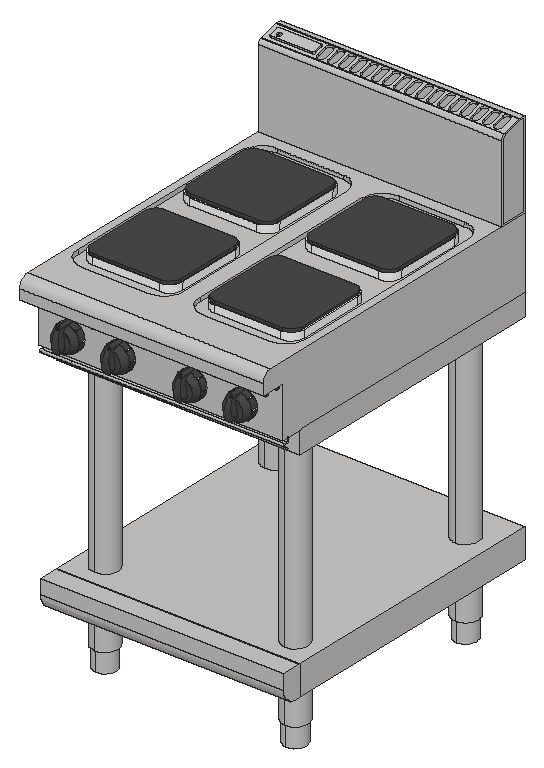
Revit family "QF_Moffat_RN8400SE-LS_Electric_Cooktops_Sealed_Hobs_cat", category Specialty Equipment, Revit 2019
Family settings
  Round Connector Dimension = Use Diameter
  Part Type = Normal
  Work Plane-Based = No
  Always vertical = Yes
  Cut with Voids When Loaded = No
  Shared = No
  Room Calculation Point = No
Parameters (values of type "QF_Moffat_RN8400SE-LS")
  Weight in Kilograms = 74
  Watts = 8800 W
  Volts = 400 V
  URL Cutsheet = ""
  Specification by User = ""
  Specification by Manufacturer = ""
  Show Low Back [instance] = no
  Show Logo [instance] = yes
  Show High Back [instance] = not(Show Low Back)  # yes
  Serial Number = ""
  Seismic Rating = ""
  SMACNA No = ""
  Revision Code = ""
  Phase = 2
  Number of Poles = 1
  NAFEM Spec ID Number = ""
  Model = "RN8400SE-LS"
  Min Ckt Ampacity = 0 A
  Max Overcurrent Protection = 0 A
  Masterspec = ""
  Manufacturer = "Moffat"
  Length = 600 mm
  Item Number = ""
  Installed By = ""
  Identify Quantity as Lot = yes
  Height = 1130 mm
  HP = ""
  Furnished By = ""
  Foodservice Equipment Identifier = yes
  FL Amps = 22 A
  Electrical Remarks = ""
  Electric Connection Type = ""
  Elec Conn RI Height = 0 mm
  Elec Conn Connection Height = 0 mm
  Description = "Electric Cooktops Sealed Hobs"
  Depth = 805 mm
  Cycle = 50 Hz
  Conn Plug = ""
  Conn Conduit = yes
  CSI MasterFormat = ""
  Apparent Power = if(Phase = 3, Volts * FL Amps * 1.73, Volts * FL Amps)  # 8800 VA
Reference planes
  plane 1 "BACK": y = 0
  plane 2: z = 0
  plane 3 "LEFT": x = 0
  plane 4 "RIGHT": x = 600
  plane 5 "FRONT": y = -805
  plane 6 "TOP": z = 1130
  plane 7 "Center Y": x = 300
  plane 8 "Center X": y = -402.5
Dimensions and locks
  equal spacing: plane 3 "LEFT", plane 7 "Center Y", plane 4 "RIGHT"
  "Length": plane 3 "LEFT" to plane 4 "RIGHT"
  equal spacing: plane 5 "FRONT", plane 8 "Center X", plane 1 "BACK"
  "Depth": plane 5 "FRONT" to plane 1 "BACK"
  "Height": plane 6 "TOP" to level
  aligned and locked: level to plane 2
Nested families
  nested 1: "RN8400SE-LS" at (0, 0, 0), type "E514S-LS"
  nested 2: "High and Low Option" at (0, 0, 0), High Back <- "Show High Back", Low Back <- "Show Low Back", Show Logo <- "Show Logo", type "RNLB8610SE"
    with Show Logo 2 yes, Show Logo 1 no, Show Logo yes, Low Back no, High Back yes
Connectors
  electrical at (470, -30, 675), driven by "Volts", driven by "Watts"
    settings: on nested 1, index 1, voltage 400 V, apparent load 8800 VA, apparent load phase1 0 VA, apparent load phase2 0 VA, apparent load phase3 0 VA, power factor 1, load classification "Other", number of poles 1, system type 30, power factor state 1, is connector primary yes, connector utility no, sub classification motor no, connector description "ELECTRICAL CONNECTION"
Definition of nested family "RN8400SE-LS"
  Parameters (values of type "E514S-LS")
    Weight in Kilograms = 110
    URL Cutsheet = ""
    Specification by User = ""
    Specification by Manufacturer = ""
    Serial Number = ""
    Seismic Rating = ""
    SMACNA No = ""
    Revision Code = ""
    NAFEM Spec ID Number = ""
    Model = "RN8400SE-LS"
    Masterspec = ""
    Manufacturer = "Moffat"
    Length = 600 mm
    Item Number = ""
    Installed By = ""
    Identify Quantity as Lot = yes
    Height = 915 mm
    Furnished By = ""
    Foodservice Equipment Identifier = yes
    Description = "Electric Cooktops Sealed Hobs"
    Depth = 805 mm
    CSI MasterFormat = ""
  Reference planes
    plane 1 "BACK": y = 0
    plane 2: z = 0
    plane 3 "LEFT": x = 0
    plane 4 "RIGHT": x = 600
    plane 5 "FRONT": y = -805
    plane 6 "TOP": z = 915
    plane 7 "Center Y": x = 300
    plane 8 "Center X": y = -402.5
    plane 9: x = 65.5
    plane 10: x = 87.5
    plane 11: x = 211.766
    plane 12: y = -30
    plane 13: x = 470
    plane 14: x = 512.5
    plane 15: x = 388.234
    plane 16: x = 534.5
    plane 17: z = 150
    plane 18: y = -100
    plane 19: y = -625
  Forms (mm)
    Extrusion 1, solid
      sketch origin (0, 0, 600) x (0, 1, 0) y (0, 0, 1)
        loop
          line (0, 140) -> (0, 315) -> (-781, 315)
          arc (-781, 315) -> (-797.971, 307.971) -> (-805, 291) r 24
          line (-805, 291) -> (-805, 266) -> (-746.031, 266) -> (-746.031, 140) -> (0, 140)
      from 0 to 600
    Extrusion 2, void
      sketch origin (0, -773.8, 915) x (0, 1, 0) y (-1, 0, 0)
        loop
          arc (673.6, -69) -> (658.955, -33.645) -> (623.6, -19) r 50
          line (623.6, -19) -> (123.399, -19)
          arc (123.399, -19) -> (88.044, -33.645) -> (73.399, -69) r 50
          line (73.399, -69) -> (73.399, -231)
          arc (73.399, -231) -> (88.044, -266.355) -> (123.399, -281) r 50
          line (123.399, -281) -> (623.6, -281)
          arc (623.6, -281) -> (658.955, -266.355) -> (673.6, -231) r 50
          line (673.6, -231) -> (673.6, -69)
        loop
          line (673.6, -531) -> (673.6, -369)
          arc (673.6, -369) -> (658.955, -333.645) -> (623.6, -319) r 50
          line (623.6, -319) -> (123.399, -319)
          arc (123.399, -319) -> (88.044, -333.645) -> (73.399, -369) r 50
          line (73.399, -369) -> (73.399, -531)
          arc (73.399, -531) -> (88.044, -566.355) -> (123.399, -581) r 50
          line (123.399, -581) -> (623.6, -581)
          arc (623.6, -581) -> (658.955, -566.355) -> (673.6, -531) r 50
      from 0 to -9.5
    Extrusion 3, solid
      sketch origin (0, -773.8, 905.5) x (0, 1, 0) y (-1, 0, 0)
        loop
          arc (635.254, -68) -> (625.881, -45.373) -> (603.254, -36) r 32
          line (603.254, -36) -> (440.337, -36)
          arc (440.337, -36) -> (417.71, -45.373) -> (408.337, -68) r 32
          line (408.337, -68) -> (408.337, -232)
          arc (408.337, -232) -> (417.71, -254.627) -> (440.337, -264) r 32
          line (440.337, -264) -> (603.254, -264)
          arc (603.254, -264) -> (625.881, -254.627) -> (635.254, -232) r 32
          line (635.254, -232) -> (635.254, -68)
        loop
          arc (335.297, -68) -> (325.925, -45.373) -> (303.297, -36) r 32
          line (303.297, -36) -> (140.362, -36)
          arc (140.362, -36) -> (117.734, -45.373) -> (108.362, -68) r 32
          line (108.362, -68) -> (108.362, -232)
          arc (108.362, -232) -> (117.734, -254.627) -> (140.362, -264) r 32
          line (140.362, -264) -> (303.297, -264)
          arc (303.297, -264) -> (325.925, -254.627) -> (335.297, -232) r 32
          line (335.297, -232) -> (335.297, -68)
        loop
          arc (635.246, -368) -> (625.874, -345.373) -> (603.246, -336) r 32
          line (603.246, -336) -> (440.353, -336)
          arc (440.353, -336) -> (417.725, -345.373) -> (408.353, -368) r 32
          line (408.353, -368) -> (408.353, -532)
          arc (408.353, -532) -> (417.725, -554.627) -> (440.353, -564) r 32
          line (440.353, -564) -> (603.246, -564)
          arc (603.246, -564) -> (625.874, -554.627) -> (635.246, -532) r 32
          line (635.246, -532) -> (635.246, -368)
        loop
          arc (335.297, -368) -> (325.925, -345.373) -> (303.297, -336) r 32
          line (303.297, -336) -> (140.362, -336)
          arc (140.362, -336) -> (117.734, -345.373) -> (108.362, -368) r 32
          line (108.362, -368) -> (108.362, -532)
          arc (108.362, -532) -> (117.734, -554.627) -> (140.362, -564) r 32
          line (140.362, -564) -> (303.297, -564)
          arc (303.297, -564) -> (325.925, -554.627) -> (335.297, -532) r 32
          line (335.297, -532) -> (335.297, -368)
      from 0 to 17.8
    Extrusion 4, solid
      sketch origin (0, -773.8, 923.3) x (0, 1, 0) y (-1, 0, 0)
        loop
          arc (631.8, -67) -> (623.892, -47.908) -> (604.8, -40) r 27
          line (604.8, -40) -> (438.8, -40)
          arc (438.8, -40) -> (419.708, -47.908) -> (411.8, -67) r 27
          line (411.8, -67) -> (411.8, -233)
          arc (411.8, -233) -> (419.708, -252.092) -> (438.8, -260) r 27
          line (438.8, -260) -> (604.8, -260)
          arc (604.8, -260) -> (623.892, -252.092) -> (631.8, -233) r 27
          line (631.8, -233) -> (631.8, -67)
        loop
          arc (331.8, -67) -> (323.892, -47.908) -> (304.8, -40) r 27
          line (304.8, -40) -> (138.8, -40)
          arc (138.8, -40) -> (119.708, -47.908) -> (111.8, -67) r 27
          line (111.8, -67) -> (111.8, -233)
          arc (111.8, -233) -> (119.708, -252.092) -> (138.8, -260) r 27
          line (138.8, -260) -> (304.8, -260)
          arc (304.8, -260) -> (323.892, -252.092) -> (331.8, -233) r 27
          line (331.8, -233) -> (331.8, -67)
        loop
          line (631.8, -533) -> (631.8, -367)
          arc (631.8, -367) -> (623.892, -347.908) -> (604.8, -340) r 27
          line (604.8, -340) -> (438.8, -340)
          arc (438.8, -340) -> (419.708, -347.908) -> (411.8, -367) r 27
          line (411.8, -367) -> (411.8, -533)
          arc (411.8, -533) -> (419.708, -552.092) -> (438.8, -560) r 27
          line (438.8, -560) -> (604.8, -560)
          arc (604.8, -560) -> (623.892, -552.092) -> (631.8, -533) r 27
        loop
          line (331.8, -533) -> (331.8, -367)
          arc (331.8, -367) -> (323.892, -347.908) -> (304.8, -340) r 27
          line (304.8, -340) -> (138.8, -340)
          arc (138.8, -340) -> (119.708, -347.908) -> (111.8, -367) r 27
          line (111.8, -367) -> (111.8, -533)
          arc (111.8, -533) -> (119.708, -552.092) -> (138.8, -560) r 27
          line (138.8, -560) -> (304.8, -560)
          arc (304.8, -560) -> (323.892, -552.092) -> (331.8, -533) r 27
      from 0 to 6.1
    Extrusion 5, solid
      sketch origin (0, 0, 600) x (0, 1, 0) y (0, 0, 1)
        loop
          line (-691.8, 85) -> (0, 85) -> (0, 140) -> (-691.8, 140) -> (-691.8, 85)
      from 0 to 600
    Extrusion 6, solid
      sketch origin (0, 0, 600) x (0, 1, 0) y (0, 0, 1)
        loop
          line (-730.6, 140) -> (-730.6, 130) -> (-740.105, 130)
          arc (-740.105, 130) -> (-743.076, 128.015) -> (-742.379, 124.511) r 3.215
          line (-742.379, 124.511) -> (-731.85, 113.982) -> (-730.719, 115.113) -> (-741.247, 125.642)
          arc (-741.247, 125.642) -> (-741.597, 127.403) -> (-740.105, 128.4) r 1.615
          line (-740.105, 128.4) -> (-729, 128.4) -> (-729, 140) -> (-730.6, 140)
      from 0 to 600
    Extrusion 7, solid
      sketch origin (300, 175.397, 1819.2) x (0, 1, 0) y (0, 0, 1)
        loop
          line (-867.197, -1109.2) -> (-889.234, -1109.2)
          arc (-889.234, -1109.2) -> (-890.834, -1110.8) -> (-889.234, -1112.4) r 1.6
          line (-889.234, -1112.4) -> (-867.197, -1112.4) -> (-867.197, -1109.2)
      from -250 to 250
    Extrusion 8, solid
      sketch origin (0, -746.031, 730) x (0, 0, 1) y (-1, 0, 0)
        loop
          circle (101.3, -432.5) r 7.15
        loop
          circle (101.3, -557.5) r 7.15
        loop
          circle (101.3, -131.766) r 7.15
        loop
          circle (101.3, -256.766) r 7.15
      from 0 to 1.6
    Extrusion 9, solid
      sketch origin (0, -746.031, 740) x (0, 0, 1) y (-1, 0, 0)
        loop
          circle (113.843, -13.157) r 5
        loop
          circle (113.843, -586.843) r 5
      from 0 to 1.6
    Extrusion 10, solid
      sketch origin (-6096, 287.266, 675) x (0, 1, 0) y (-1, 0, 0)
        loop
          circle (-317.266, -6566) r 6.35
      from 10 to 0
    Extrusion 11, solid
      sketch origin (0, 0, 0) x (0, 1, 0) y (0, 0, 1)
        loop
          line (-741.8, 222.5) -> (-741.8, 186)
          arc (-741.8, 186) -> (-731.256, 160.544) -> (-705.8, 150) r 36
          line (-705.8, 150) -> (-691.8, 150) -> (-691.8, 222.5) -> (-741.8, 222.5)
      from 0 to 600
    Revolve 12, solid
      sketch origin (65.5, -4572, -304.8) x (0, 0, -1) y (0, -1, 0)
        loop
          line (-304.8, -3947) -> (-989.8, -3947) -> (-989.8, -3978.75) -> (-354.8, -3978.75) -> (-354.8, -3974.5) -> (-304.8, -3974.5) -> (-304.8, -3947)
        axis (-989.8, -3947) -> (-304.8, -3947)
      angle from 0 to 360
    Revolve 13, solid
      sketch origin (534.5, -4572, -304.8) x (0, 0, -1) y (0, 1, 0)
        loop
          line (-304.8, 3947) -> (-304.8, 3974.5) -> (-354.8, 3974.5) -> (-354.8, 3978.75) -> (-989.8, 3978.75) -> (-989.8, 3947) -> (-304.8, 3947)
        axis (-989.8, 3947) -> (-304.8, 3947)
      angle from 0 to 360
    Extrusion 14, solid
      sketch origin (0, 0, 0) x (0, 1, 0) y (0, 0, 1)
        loop
          line (-691.8, 222.5) -> (-691.8, 150) -> (0, 150) -> (0, 222.5) -> (-691.8, 222.5)
      from 0 to 600
    Revolve 15, solid
      sketch origin (65.5, 3847, -304.8) x (0, 0, -1) y (0, -1, 0)
        loop
          line (-304.8, 3947) -> (-304.8, 3974.5) -> (-354.8, 3974.5) -> (-354.8, 3978.75) -> (-989.8, 3978.75) -> (-989.8, 3947) -> (-304.8, 3947)
        axis (-989.8, 3947) -> (-304.8, 3947)
      angle from 0 to 360
    Revolve 16, solid
      sketch origin (534.5, 3847, -304.8) x (0, 0, -1) y (0, 1, 0)
        loop
          line (-304.8, -3947) -> (-989.8, -3947) -> (-989.8, -3978.75) -> (-354.8, -3978.75) -> (-354.8, -3974.5) -> (-304.8, -3974.5) -> (-304.8, -3947)
        axis (-989.8, -3947) -> (-304.8, -3947)
      angle from 0 to 360
  Cuts and joins
    Extrusion 2 cuts Extrusion 1
    joined: Extrusion 5, Extrusion 11
    joined: Revolve 12, Revolve 13, Extrusion 14, Revolve 15, Revolve 16
  Lines and regions (mm)
    symbolic lines
      curve 1: line (0, 0, 0) -> (600, 0, 0)
      curve 2: line (0, -805, 0) -> (0, 0, 0)
      curve 3: line (600, -805, 0) -> (0, -805, 0)
      curve 4: line (600, 0, 0) -> (600, -805, 0)
      curve 5: arc (69, -700.401, 0) -> (33.645, -685.756, 0) -> (19, -650.401, 0) r 50
      curve 6: line (19, -650.401, 0) -> (19, -150.2, 0)
      curve 7: arc (19, -150.2, 0) -> (33.645, -114.845, 0) -> (69, -100.2, 0) r 50
      curve 8: line (69, -100.2, 0) -> (231, -100.2, 0)
      curve 9: arc (231, -100.2, 0) -> (266.355, -114.845, 0) -> (281, -150.2, 0) r 50
      curve 10: line (281, -150.2, 0) -> (281, -650.401, 0)
      curve 11: arc (281, -650.401, 0) -> (266.355, -685.756, 0) -> (231, -700.401, 0) r 50
      curve 12: line (231, -700.401, 0) -> (69, -700.401, 0)
      curve 13: arc (369, -700.401, 0) -> (333.645, -685.756, 0) -> (319, -650.401, 0) r 50
      curve 14: line (319, -650.401, 0) -> (319, -150.2, 0)
      curve 15: arc (319, -150.2, 0) -> (333.645, -114.845, 0) -> (369, -100.2, 0) r 50
      curve 16: line (369, -100.2, 0) -> (531, -100.2, 0)
      curve 17: arc (531, -100.2, 0) -> (566.355, -114.845, 0) -> (581, -150.2, 0) r 50
      curve 18: line (581, -150.2, 0) -> (581, -650.401, 0)
      curve 19: arc (581, -650.401, 0) -> (566.355, -685.756, 0) -> (531, -700.401, 0) r 50
      curve 20: line (531, -700.401, 0) -> (369, -700.401, 0)
      curve 21: arc (232, -665.438, 0) -> (254.627, -656.066, 0) -> (264, -633.438, 0) r 32
      curve 22: line (264, -633.438, 0) -> (264, -470.503, 0)
      curve 23: arc (264, -470.503, 0) -> (254.627, -447.875, 0) -> (232, -438.503, 0) r 32
      curve 24: line (232, -438.503, 0) -> (68, -438.503, 0)
      curve 25: arc (68, -438.503, 0) -> (45.373, -447.875, 0) -> (36, -470.503, 0) r 32
      curve 26: line (36, -470.503, 0) -> (36, -633.438, 0)
      curve 27: arc (36, -633.438, 0) -> (45.373, -656.066, 0) -> (68, -665.438, 0) r 32
      curve 28: line (68, -665.438, 0) -> (232, -665.438, 0)
      curve 29: arc (233, -662, 0) -> (252.092, -654.092, 0) -> (260, -635, 0) r 27
      curve 30: line (260, -635, 0) -> (260, -469, 0)
      curve 31: arc (260, -469, 0) -> (252.092, -449.908, 0) -> (233, -442, 0) r 27
      curve 32: line (233, -442, 0) -> (67, -442, 0)
      curve 33: arc (67, -442, 0) -> (47.908, -449.908, 0) -> (40, -469, 0) r 27
      curve 34: line (40, -469, 0) -> (40, -635, 0)
      curve 35: arc (40, -635, 0) -> (47.908, -654.092, 0) -> (67, -662, 0) r 27
      curve 36: line (67, -662, 0) -> (233, -662, 0)
      curve 37: arc (336, -633.438, 0) -> (345.373, -656.066, 0) -> (368, -665.438, 0) r 32
      curve 38: line (368, -665.438, 0) -> (532, -665.438, 0)
      curve 39: arc (532, -665.438, 0) -> (554.627, -656.066, 0) -> (564, -633.438, 0) r 32
      curve 40: line (564, -633.438, 0) -> (564, -470.503, 0)
      curve 41: arc (564, -470.503, 0) -> (554.627, -447.875, 0) -> (532, -438.503, 0) r 32
      curve 42: line (532, -438.503, 0) -> (368, -438.503, 0)
      curve 43: arc (368, -438.503, 0) -> (345.373, -447.875, 0) -> (336, -470.503, 0) r 32
      curve 44: line (336, -470.503, 0) -> (336, -633.438, 0)
      curve 45: arc (340, -635, 0) -> (347.908, -654.092, 0) -> (367, -662, 0) r 27
      curve 46: line (367, -662, 0) -> (533, -662, 0)
      curve 47: arc (533, -662, 0) -> (552.092, -654.092, 0) -> (560, -635, 0) r 27
      curve 48: line (560, -635, 0) -> (560, -469, 0)
      curve 49: arc (560, -469, 0) -> (552.092, -449.908, 0) -> (533, -442, 0) r 27
      curve 50: line (533, -442, 0) -> (367, -442, 0)
      curve 51: arc (367, -442, 0) -> (347.908, -449.908, 0) -> (340, -469, 0) r 27
      curve 52: line (340, -469, 0) -> (340, -635, 0)
      curve 53: arc (340, -335, 0) -> (347.908, -354.092, 0) -> (367, -362, 0) r 27
      curve 54: line (367, -362, 0) -> (533, -362, 0)
      curve 55: arc (533, -362, 0) -> (552.092, -354.092, 0) -> (560, -335, 0) r 27
      curve 56: line (560, -335, 0) -> (560, -169, 0)
      curve 57: arc (560, -169, 0) -> (552.092, -149.908, 0) -> (533, -142, 0) r 27
      curve 58: line (533, -142, 0) -> (367, -142, 0)
      curve 59: arc (367, -142, 0) -> (347.908, -149.908, 0) -> (340, -169, 0) r 27
      curve 60: line (340, -169, 0) -> (340, -335, 0)
      curve 61: arc (336, -333.447, 0) -> (345.373, -356.075, 0) -> (368, -365.447, 0) r 32
      curve 62: line (368, -365.447, 0) -> (532, -365.447, 0)
      curve 63: arc (532, -365.447, 0) -> (554.627, -356.075, 0) -> (564, -333.447, 0) r 32
      curve 64: line (564, -333.447, 0) -> (564, -170.554, 0)
      curve 65: arc (564, -170.554, 0) -> (554.627, -147.926, 0) -> (532, -138.554, 0) r 32
      curve 66: line (532, -138.554, 0) -> (368, -138.554, 0)
      curve 67: arc (368, -138.554, 0) -> (345.373, -147.926, 0) -> (336, -170.554, 0) r 32
      curve 68: line (336, -170.554, 0) -> (336, -333.447, 0)
      curve 69: arc (232, -365.463, 0) -> (254.627, -356.09, 0) -> (264, -333.463, 0) r 32
      curve 70: line (264, -333.463, 0) -> (264, -170.546, 0)
      curve 71: arc (264, -170.546, 0) -> (254.627, -147.919, 0) -> (232, -138.546, 0) r 32
      curve 72: line (232, -138.546, 0) -> (68, -138.546, 0)
      curve 73: arc (68, -138.546, 0) -> (45.373, -147.919, 0) -> (36, -170.546, 0) r 32
      curve 74: line (36, -170.546, 0) -> (36, -333.463, 0)
      curve 75: arc (36, -333.463, 0) -> (45.373, -356.09, 0) -> (68, -365.463, 0) r 32
      curve 76: line (68, -365.463, 0) -> (232, -365.463, 0)
      curve 77: arc (233, -362, 0) -> (252.092, -354.092, 0) -> (260, -335, 0) r 27
      curve 78: line (260, -335, 0) -> (260, -169, 0)
      curve 79: arc (260, -169, 0) -> (252.092, -149.908, 0) -> (233, -142, 0) r 27
      curve 80: line (233, -142, 0) -> (67, -142, 0)
      curve 81: arc (67, -142, 0) -> (47.908, -149.908, 0) -> (40, -169, 0) r 27
      curve 82: line (40, -169, 0) -> (40, -335, 0)
      curve 83: arc (40, -335, 0) -> (47.908, -354.092, 0) -> (67, -362, 0) r 27
      curve 84: line (67, -362, 0) -> (233, -362, 0)
  Dimensions and locks
    equal spacing: plane 3 "LEFT", plane 7 "Center Y", plane 4 "RIGHT"
    "Length": plane 3 "LEFT" to plane 4 "RIGHT"
    equal spacing: plane 5 "FRONT", plane 8 "Center X", plane 1 "BACK"
    "Depth": plane 5 "FRONT" to plane 1 "BACK"
    plane 4 "RIGHT" to plane 3 "LEFT" = 600 mm
    plane 1 "BACK" to plane 5 "FRONT" = 805 mm
    plane 6 "TOP" to plane 2 = 915 mm
    cut or joined group of Extrusion 1, Extrusion 2 to plane 2 = 915 mm
    plane 13 to plane 4 "RIGHT" = 130 mm
    plane 9 to plane 16 = 469 mm
    plane 17 to plane 2 = 150 mm
    plane 1 "BACK" to plane 18 = 100 mm
    plane 18 to plane 19 = 525 mm
    plane 1 "BACK" to plane 12 = 30 mm
    "Height": plane 6 "TOP" to level
    aligned and locked: level to plane 2
  Automatic sketch dimensions
    Extrusion 1 to Extrusion 2 sketch curve = 19 mm
    Extrusion 2 sketch curve to Extrusion 2 sketch curve = 50 mm  (x6)
    Extrusion 2 sketch curve to Extrusion 2 sketch curve = 0 mm  (x2)
    Extrusion 2 sketch curve to Extrusion 2 sketch curve = 162 mm
    Extrusion 2 sketch curve to Extrusion 2 sketch curve = 38 mm
    Extrusion 1 to Extrusion 2 sketch curve = 69 mm
    Extrusion 3 sketch curve to Extrusion 2 = 34.962 mm  (x2)
    Extrusion 3 sketch curve to Extrusion 3 sketch curve = 32 mm  (x13)
    Extrusion 3 sketch curve to Extrusion 2 = 17 mm  (x6)
    Extrusion 3 sketch curve to Extrusion 2 = 49 mm  (x3)
    Extrusion 3 sketch curve to Extrusion 3 sketch curve = 162.936 mm  (x2)
    Extrusion 3 sketch curve to Extrusion 3 sketch curve = 73.04 mm
    Extrusion 3 sketch curve to Extrusion 3 sketch curve = 73.055 mm
    Extrusion 3 sketch curve to Extrusion 2 = 70.346 mm  (x2)
    Extrusion 3 sketch curve to Extrusion 2 = 70.354 mm  (x2)
    Extrusion 4 sketch curve to Extrusion 3 = 3.438 mm  (x2)
    Extrusion 4 sketch curve to Extrusion 4 sketch curve = 27 mm  (x6)
    Extrusion 4 sketch curve to Extrusion 3 = 4 mm  (x7)
    Extrusion 4 sketch curve to Extrusion 3 = 30.438 mm
    Extrusion 4 sketch curve to Extrusion 3 = 30.497 mm  (x4)
    Extrusion 4 sketch curve to Extrusion 3 = 3.497 mm  (x2)
    Extrusion 4 sketch curve to Extrusion 3 = 3.463 mm  (x2)
    Extrusion 4 sketch curve to Extrusion 3 = 30.463 mm
    Extrusion 4 sketch curve to Extrusion 3 = 30.454 mm  (x4)
    Extrusion 4 sketch curve to Extrusion 3 = 3.454 mm  (x2)
    Extrusion 4 sketch curve to Extrusion 3 = 31 mm
    Extrusion 5 sketch curve to plane 1 "BACK" = 0 mm
    plane 19 to Extrusion 5 sketch curve = 66.8 mm
    Extrusion 5 sketch curve to Extrusion 5 sketch curve = 55 mm
    Extrusion 6 sketch curve to Extrusion 6 sketch curve = 0 mm  (x3)
    Extrusion 6 sketch curve to plane 5 "FRONT" = 62.621 mm
    Extrusion 6 sketch curve to Extrusion 6 sketch curve = 1.131 mm  (x3)
    Extrusion 6 sketch curve to Extrusion 6 sketch curve = 1.142 mm  (x2)
    Extrusion 6 sketch curve to Extrusion 6 sketch curve = 10.529 mm
    Extrusion 6 sketch curve to Extrusion 6 sketch curve = 9.505 mm
    Extrusion 6 sketch curve to Extrusion 6 sketch curve = 1.6 mm
    Extrusion 6 sketch curve to Extrusion 6 sketch curve = 10 mm
    Extrusion 7 sketch curve to plane 5 "FRONT" = 91.163 mm
    Extrusion 7 sketch curve to Extrusion 7 sketch curve = 22.037 mm
    Extrusion 7 sketch curve to Extrusion 7 sketch curve = 1.6 mm
    Extrusion 1 to Extrusion 8 sketch curve = 34.7 mm  (x4)
    Extrusion 1 to Extrusion 8 sketch curve = 42.5 mm
    Extrusion 8 sketch curve to Extrusion 8 sketch curve = 125 mm  (x2)
    Extrusion 8 sketch curve to Extrusion 8 sketch curve = 175.734 mm
    Extrusion 1 to Extrusion 9 sketch curve = 12.157 mm  (x2)
    Extrusion 1 to Extrusion 9 sketch curve = 13.157 mm  (x2)
    plane 12 to Extrusion 10 sketch curve = 0 mm
    Extrusion 10 sketch curve to plane 13 = 0 mm
    Revolve 12 sketch curve to plane 19 = 0 mm  (x2)
    Revolve 12 sketch curve to level = 0 mm  (x2)
    Revolve 12 sketch curve to Revolve 12 sketch curve = 50 mm
    Revolve 12 sketch curve to plane 19 = 27.5 mm
    Revolve 12 sketch curve to Revolve 12 sketch curve = 31.75 mm
    Revolve 12 sketch curve to Revolve 12 sketch curve = 35 mm
    Revolve 13 sketch curve to plane 19 = 0 mm  (x2)
    Revolve 13 sketch curve to level = 0 mm  (x2)
    level to Revolve 13 sketch curve = 50 mm
    Revolve 13 sketch curve to Revolve 13 sketch curve = 27.5 mm
    Revolve 13 sketch curve to Revolve 13 sketch curve = 31.75 mm
    Revolve 13 sketch curve to Revolve 13 sketch curve = 35 mm
    Extrusion 14 sketch curve to plane 17 = 0 mm
    Extrusion 14 sketch curve to plane 1 "BACK" = 0 mm
    plane 19 to Extrusion 14 sketch curve = 66.8 mm
    Extrusion 14 sketch curve to Extrusion 14 sketch curve = 72.5 mm
    Revolve 15 sketch curve to level = 0 mm  (x2)
    Revolve 15 sketch curve to Revolve 15 sketch curve = 50 mm
    plane 18 to Revolve 15 sketch curve = 0 mm
    Revolve 15 sketch curve to Revolve 15 sketch curve = 27.5 mm
    Revolve 15 sketch curve to Revolve 15 sketch curve = 31.75 mm
    Revolve 15 sketch curve to level = 35 mm
    Revolve 15 sketch curve to Revolve 15 sketch curve = 0 mm
    Revolve 16 sketch curve to level = 0 mm  (x2)
    Revolve 16 sketch curve to Revolve 16 sketch curve = 50 mm
    plane 18 to Revolve 16 sketch curve = 31.75 mm
    Revolve 16 sketch curve to Revolve 16 sketch curve = 4.25 mm
    Revolve 16 sketch curve to Revolve 16 sketch curve = 27.5 mm
    Revolve 16 sketch curve to level = 35 mm
    Revolve 16 sketch curve to Revolve 16 sketch curve = 0 mm
    Extrusion 11 sketch curve to plane 17 = 0 mm
    Extrusion 11 sketch curve to plane 5 "FRONT" = 63.2 mm
    Extrusion 11 sketch curve to Extrusion 11 sketch curve = 14 mm
    Extrusion 11 sketch curve to Extrusion 11 sketch curve = 36 mm
    Extrusion 11 sketch curve to Extrusion 11 sketch curve = 36.5 mm
    Extrusion 2 sketch curve to Extrusion 1 = 130.599 mm
    Extrusion 1 sketch curve to plane 5 "FRONT" = 0 mm
    Extrusion 1 sketch curve to plane 1 "BACK" = 0 mm
    Extrusion 1 sketch curve to plane 5 "FRONT" = 24 mm
    Extrusion 1 sketch curve to plane 5 "FRONT" = 58.969 mm
    Extrusion 1 sketch curve to Extrusion 1 sketch curve = 25 mm
    plane 1 "BACK" to curve 1 = 0 mm
    curve 1 to plane 3 "LEFT" = 0 mm
    curve 4 to plane 4 "RIGHT" = 0 mm
    plane 5 "FRONT" to curve 3 = 0 mm
    plane 3 "LEFT" to curve 6 = 19 mm
    plane 9 to curve 26 = 29.5 mm
    plane 9 to curve 74 = 29.5 mm
    curve 25 to curve 34 = 4 mm
    curve 75 to curve 82 = 4 mm
    curve 83 to plane 9 = 1.5 mm
    curve 32 to plane 9 = 1.5 mm
    curve 36 to plane 9 = 1.5 mm
    curve 81 to plane 9 = 1.5 mm
    curve 72 to plane 9 = 2.5 mm
    curve 28 to plane 9 = 2.5 mm
    curve 76 to plane 9 = 2.5 mm
    curve 33 to curve 25 = 1 mm
    plane 18 to curve 8 = 0.2 mm
    curve 8 to plane 9 = 3.5 mm
    curve 5 to plane 9 = 3.5 mm
    plane 11 to curve 9 = 19.234 mm
    plane 11 to curve 11 = 19.234 mm
    plane 11 to curve 76 = 20.234 mm
    plane 11 to curve 24 = 20.234 mm
    plane 19 to curve 21 = 8.438 mm
    curve 11 to curve 21 = 1 mm
    curve 9 to curve 72 = 1 mm
    curve 69 to curve 77 = 1 mm
    curve 23 to curve 31 = 1 mm
    curve 71 to curve 79 = 1 mm
    curve 21 to curve 36 = 1 mm
    curve 79 to curve 78 = 27 mm
    curve 31 to curve 30 = 27 mm
    curve 78 to curve 70 = 4 mm
    curve 30 to curve 22 = 4 mm
    curve 10 to plane 7 "Center Y" = 19 mm
    plane 7 "Center Y" to curve 14 = 19 mm
    plane 19 to curve 44 = 8.438 mm
    curve 14 to curve 44 = 17 mm
    curve 15 to curve 68 = 17 mm
    curve 61 to curve 60 = 4 mm
    curve 44 to curve 52 = 4 mm
    plane 19 to curve 45 = 10 mm
    plane 15 to curve 45 = 21.234 mm
    plane 15 to curve 50 = 21.234 mm
    plane 15 to curve 58 = 21.234 mm
    plane 15 to curve 53 = 21.234 mm
    curve 54 to curve 62 = 1 mm
    curve 51 to curve 43 = 1 mm
    curve 45 to curve 37 = 1 mm
    curve 58 to curve 66 = 1 mm
    plane 15 to curve 20 = 19.234 mm
    curve 59 to curve 15 = 2 mm
    curve 19 to plane 16 = 3.5 mm
    curve 17 to plane 16 = 3.5 mm
    curve 66 to plane 16 = 2.5 mm
    curve 38 to plane 16 = 2.5 mm
    curve 41 to plane 16 = 2.5 mm
    curve 63 to plane 16 = 2.5 mm
    curve 57 to plane 16 = 1.5 mm
    curve 46 to plane 16 = 1.5 mm
    curve 55 to plane 16 = 1.5 mm
    curve 50 to plane 16 = 1.5 mm
    plane 19 to curve 48 = 10 mm
    plane 16 to curve 56 = 25.5 mm
    curve 48 to curve 40 = 4 mm
    curve 55 to curve 64 = 4 mm
    plane 4 "RIGHT" to curve 18 = 19 mm
    curve 12 to curve 28 = 34.962 mm
    curve 20 to curve 39 = 34.962 mm
    curve 21 to curve 36 = 3.438 mm
    curve 23 to plane 8 "Center X" = 68.003 mm
    curve 25 to curve 34 = 1.503 mm
    curve 43 to plane 8 "Center X" = 68.003 mm
    curve 40 to curve 48 = 1.503 mm
    plane 8 "Center X" to curve 76 = 37.037 mm
    plane 8 "Center X" to curve 62 = 37.053 mm
    curve 76 to curve 84 = 3.463 mm
    curve 61 to curve 54 = 3.447 mm
    plane 18 to curve 65 = 70.554 mm
    curve 73 to curve 7 = 20.346 mm
    curve 67 to curve 60 = 1.554 mm
    curve 73 to curve 82 = 1.546 mm
    curve 64 to curve 18 = 20.354 mm
    Extrusion 1 to Extrusion 2 sketch curve = 150.2 mm  (x3)
    Extrusion 1 sketch curve to Extrusion 1 sketch curve = 126 mm
    Extrusion 1 sketch curve to plane 6 "TOP" = 0 mm
    Extrusion 5 sketch curve to plane 6 "TOP" = 230 mm
    Extrusion 6 sketch curve to plane 6 "TOP" = 201.018 mm
    Extrusion 7 sketch curve to plane 6 "TOP" = 208.2 mm
    Revolve 12 sketch curve to plane 6 "TOP" = 230 mm
    Revolve 13 sketch curve to plane 6 "TOP" = 230 mm
    Revolve 15 sketch curve to plane 6 "TOP" = 230 mm
    Revolve 16 sketch curve to plane 6 "TOP" = 230 mm
    radius of Extrusion 8 sketch curve = 7.15 mm  (x4)
    radius of Extrusion 9 sketch curve = 5 mm  (x2)
    radius of Extrusion 10 sketch curve = 6.35 mm
  Nested families
    nested 1: "Knob" at (55.003, -746.031, 764.502), type "Knob"
    nested 2: "Knob" at (179.269, -746.031, 764.502), type "Knob"
    nested 3: "Knob" at (355.738, -746.031, 764.502), type "Knob"
    nested 4: "Knob" at (480.003, -746.031, 764.502), type "Knob"
  Definition of nested family "Knob"
    Parameters (values of type "Knob")
      Weight in Pounds = 0
      URL Cutsheet = ""
      Specification by User = ""
      Specification by Manufacturer = ""
      Serial Number = ""
      Seismic Rating = ""
      SMACNA No = ""
      Revision Code = ""
      NAFEM Spec ID Number = ""
      Masterspec = ""
      Length = 65 mm
      Item Number = ""
      Installed By = ""
      Identify Quantity as Lot = yes
      Height = 69.5 mm
      Furnished By = ""
      Foodservice Equipment Identifier = yes
      Depth = 59 mm
      CSI MasterFormat = ""
    Reference planes
      plane 1 "BACK": y = 0
      plane 2: z = 0
      plane 3 "LEFT": x = 0
      plane 4 "RIGHT": x = 65
      plane 5 "FRONT": y = -59
      plane 6 "TOP": z = 69.5
      plane 7 "Center Y": x = 32.5
      plane 8 "Center X": y = -29.5
    Forms (mm)
      Revolve 1, solid
        sketch origin (32.5, 175.397, 1219.2) x (0, 1, 0) y (0, 0, 1)
          loop
            line (-175.397, -1186.7) -> (-219.397, -1186.7) -> (-219.397, -1211.501) -> (-202.106, -1219.2) -> (-185.397, -1219.2) -> (-185.397, -1191.7) -> (-175.397, -1191.7) -> (-175.397, -1186.7)
          axis (-219.397, -1186.7) -> (-175.397, -1186.7)
        angle from 0 to 360
      Extrusion 2, solid
        sketch origin (32.5, 175.397, 1219.2) x (0, 1, 0) y (0, 0, 1)
          loop
            line (-202.106, -1154.2) -> (-185.397, -1154.2) -> (-185.397, -1149.7) -> (-224.105, -1149.7)
            arc (-224.105, -1149.7) -> (-233.965, -1178.467) -> (-230.696, -1208.7) r 70
            line (-230.696, -1208.7) -> (-219.397, -1208.7) -> (-219.397, -1161.899) -> (-202.106, -1154.2)
        from -15 to 15
      Extrusion 3, void
        sketch origin (0, 0, 0) x (1, 0, 0) y (0, 0, 1)
          loop
            line (27.501, 64.613) -> (22.02, 20.585)
            arc (22.02, 20.585) -> (32.792, 10.488) -> (42.986, 21.169) r 10.487
            line (42.986, 21.169) -> (37.499, 64.613)
            arc (37.499, 64.613) -> (32.5, 69.5) -> (27.501, 64.613) r 5
          loop
            line (10, 72.977) -> (10, 5.625) -> (55, 5.625) -> (55, 72.977) -> (10, 72.977)
        from 6.142 to 69.687
      Extrusion 4, solid
        sketch origin (0, -34.115, -16.916) x (1, 0, 0) y (0, 0.45399, 0.891007)
          loop
            circle (32.497, 65) r 2
        from 51.525 to 53.075
      Extrusion 5, solid
        sketch origin (32.5, -10, 32.5) x (0, 0, -1) y (-1, 0, 0)
          loop
            line (-23.54, -22.408) -> (-24.106, -22.974)
            arc (-24.106, -22.974) -> (-23.547, -23.547) -> (-22.974, -24.106) r 33.3
            line (-22.974, -24.106) -> (-22.408, -23.54)
            arc (-22.408, -23.54) -> (-22.981, -22.981) -> (-23.54, -22.408) r 32.5
          loop
            arc (-0.8, -33.29) -> (0, -33.3) -> (0.8, -33.29) r 33.3
            line (0.8, -33.29) -> (0.8, -32.49)
            arc (0.8, -32.49) -> (0, -32.5) -> (-0.8, -32.49) r 32.5
            line (-0.8, -32.49) -> (-0.8, -33.29)
          loop
            arc (23.54, -22.408) -> (22.981, -22.981) -> (22.408, -23.54) r 32.5
            line (22.408, -23.54) -> (22.974, -24.106)
            arc (22.974, -24.106) -> (23.547, -23.547) -> (24.106, -22.974) r 33.3
            line (24.106, -22.974) -> (23.54, -22.408)
          loop
            arc (-23.54, 22.408) -> (-22.981, 22.981) -> (-22.408, 23.54) r 32.5
            line (-22.408, 23.54) -> (-22.974, 24.106)
            arc (-22.974, 24.106) -> (-23.547, 23.547) -> (-24.106, 22.974) r 33.3
            line (-24.106, 22.974) -> (-23.54, 22.408)
          loop
            line (-0.8, 33.29) -> (-0.8, 32.49)
            arc (-0.8, 32.49) -> (0, 32.5) -> (0.8, 32.49) r 32.5
            line (0.8, 32.49) -> (0.8, 33.29)
            arc (0.8, 33.29) -> (0, 33.3) -> (-0.8, 33.29) r 33.3
          loop
            line (32.49, -0.8) -> (33.29, -0.8)
            arc (33.29, -0.8) -> (33.3, 0) -> (33.29, 0.8) r 33.3
            line (33.29, 0.8) -> (32.49, 0.8)
            arc (32.49, 0.8) -> (32.5, 0) -> (32.49, -0.8) r 32.5
          loop
            arc (24.106, 22.974) -> (23.547, 23.547) -> (22.974, 24.106) r 33.3
            line (22.974, 24.106) -> (22.408, 23.54)
            arc (22.408, 23.54) -> (22.981, 22.981) -> (23.54, 22.408) r 32.5
            line (23.54, 22.408) -> (24.106, 22.974)
        from 0 to -16.709
    Cuts and joins
      Extrusion 3 cuts Extrusion 2
    Dimensions and locks
      equal spacing: plane 3 "LEFT", plane 7 "Center Y", plane 4 "RIGHT"
      "Length": plane 3 "LEFT" to plane 4 "RIGHT"
      equal spacing: plane 5 "FRONT", plane 8 "Center X", plane 1 "BACK"
      "Depth": plane 5 "FRONT" to plane 1 "BACK"
      "Height": plane 6 "TOP" to level
      plane 4 "RIGHT" to plane 3 "LEFT" = 65 mm
      aligned and locked: level to plane 2
    Automatic sketch dimensions
      Revolve 1 sketch curve to level = 0 mm
      Revolve 1 sketch curve to plane 1 "BACK" = 0 mm  (x2)
      plane 1 "BACK" to Revolve 1 sketch curve = 10 mm
      plane 8 "Center X" to Revolve 1 sketch curve = 2.791 mm
      Revolve 1 sketch curve to plane 8 "Center X" = 14.5 mm
      level to Revolve 1 sketch curve = 7.699 mm
      level to Revolve 1 sketch curve = 27.5 mm
      Revolve 1 sketch curve to Revolve 1 sketch curve = 5 mm
      Revolve 1 sketch curve to Revolve 1 sketch curve = 35 mm
      Revolve 1 sketch curve to Revolve 1 sketch curve = 0 mm
      Extrusion 2 sketch curve to plane 6 "TOP" = 0 mm
      Extrusion 2 sketch curve to plane 5 "FRONT" = 3.702 mm
      Extrusion 2 sketch curve to plane 5 "FRONT" = 10.293 mm
      Extrusion 2 sketch curve to Extrusion 2 sketch curve = 11.298 mm
      plane 8 "Center X" to Extrusion 2 sketch curve = 2.791 mm
      plane 1 "BACK" to Extrusion 2 sketch curve = 10 mm
      Extrusion 2 sketch curve to plane 1 "BACK" = 11 mm
      Extrusion 2 sketch curve to plane 6 "TOP" = 4.5 mm
      Extrusion 2 sketch curve to plane 6 "TOP" = 12.199 mm
      level to Extrusion 2 sketch curve = 32.962 mm
      level to Extrusion 3 sketch curve = 5.625 mm
      Extrusion 3 sketch curve to plane 7 "Center Y" = 0 mm  (x2)
      Extrusion 3 sketch curve to plane 7 "Center Y" = 4.999 mm
      Extrusion 3 sketch curve to plane 7 "Center Y" = 10.48 mm
      plane 6 "TOP" to Extrusion 3 sketch curve = 3.477 mm
      plane 3 "LEFT" to Extrusion 3 sketch curve = 10 mm
      Extrusion 3 sketch curve to plane 6 "TOP" = 4.887 mm
      Extrusion 3 sketch curve to Extrusion 3 sketch curve = 4.999 mm
      plane 7 "Center Y" to Extrusion 3 sketch curve = 10.486 mm
      level to Extrusion 3 sketch curve = 20.585 mm
      Extrusion 3 sketch curve to Extrusion 3 sketch curve = 0.387 mm
      Extrusion 3 sketch curve to Extrusion 3 sketch curve = 0.113 mm
      plane 4 "RIGHT" to Extrusion 3 sketch curve = 10 mm
      Extrusion 5 sketch curve to Revolve 1 = 32.49 mm
      Revolve 1 to Extrusion 5 sketch curve = 32.49 mm
      Extrusion 5 sketch curve to Revolve 1 = 23.54 mm  (x2)
      Revolve 1 to Extrusion 5 sketch curve = 23.54 mm  (x2)
      Extrusion 5 sketch curve to Revolve 1 = 24.106 mm  (x2)
      Revolve 1 to Extrusion 5 sketch curve = 24.106 mm  (x2)
      Revolve 1 to Extrusion 5 sketch curve = 22.408 mm  (x2)
      Extrusion 5 sketch curve to Revolve 1 = 22.408 mm  (x2)
      Revolve 1 to Extrusion 5 sketch curve = 22.974 mm  (x2)
      Extrusion 5 sketch curve to Revolve 1 = 22.974 mm  (x2)
      Extrusion 5 sketch curve to Extrusion 5 sketch curve = 1.6 mm  (x2)
      Revolve 1 to Extrusion 5 sketch curve = 0.8 mm
      Extrusion 5 sketch curve to Revolve 1 = 0.8 mm
      Extrusion 4 sketch curve to plane 7 "Center Y" = 0.003 mm
      radius of Extrusion 5 sketch curve to Revolve 1 = 0 mm  (x7)
      radius of Revolve 1 to Extrusion 5 sketch curve = 0.8 mm  (x7)
      radius of Extrusion 4 sketch curve = 2 mm
Definition of nested family "High and Low Option"
  Parameters (values of type "RNLB8610SE")
    Weight in Kilograms = 0
    Watts = Volts * FL Amps  # 12400 W
    Volts = 400 V
    URL Cutsheet = ""
    Specification by User = ""
    Specification by Manufacturer = ""
    Show Logo 2 [instance] = and(Show Logo, High Back)  # yes
    Show Logo 1 [instance] = and(Show Logo, Low Back)  # yes
    Show Logo [instance] = yes
    Serial Number = ""
    Seismic Rating = ""
    SMACNA No = ""
    Revision Code = ""
    Phase = 3
    Number of Poles = 1
    NAFEM Spec ID Number = ""
    Model = ""
    Min Ckt Ampacity = 0 A
    Max Overcurrent Protection = 0 A
    Masterspec = ""
    Manufacturer = ""
    Low Back [instance] = yes
    Length = 600 mm
    Item Number = ""
    Installed By = ""
    Identify Quantity as Lot = yes
    High Back [instance] = yes
    Height = 970 mm
    HP = ""
    Furnished By = ""
    Foodservice Equipment Identifier = yes
    FL Amps = 31 A
    Electrical Remarks = ""
    Electric Connection Type = ""
    Elec Conn RI Height = 0 mm
    Elec Conn Connection Height = 0 mm
    Description = ""
    Depth = 805 mm
    Cycle = 50 Hz
    Conn Plug = ""
    Conn Conduit = yes
    CSI MasterFormat = ""
    Apparent Power = if(Phase = 3, Volts * FL Amps * 1.73, Volts * FL Amps)  # 21452 VA
  Reference planes
    plane 1 "BACK": y = 0
    plane 2: z = 0
    plane 3 "LEFT": x = 0
    plane 4 "RIGHT": x = 600
    plane 5 "FRONT": y = -805
    plane 6 "TOP": z = 970
    plane 7 "Center Y": x = 300
    plane 8 "Center X": y = -402.5
    plane 9: x = 65.5
    plane 10: x = 834.5
    plane 11: z = 150
    plane 12: z = 675
    plane 13: z = 1130
    plane 14: z = 934.75
    plane 15: z = 915
  Forms (mm)
    Extrusion 1, solid, visible <- "Low Back"
      sketch origin (0, 0, 600) x (0, 1, 0) y (0, 0, 1)
        loop
          line (-70, 315) -> (0, 315) -> (0, 370) -> (-55, 370) -> (-70, 355) -> (-70, 315)
      from 0 to 600
    Extrusion 2, solid, visible <- "High Back"
      sketch origin (0, 0, 0) x (0, 1, 0) y (0, 0, 1)
        loop
          line (-70, 915) -> (0, 915) -> (0, 1130) -> (-15, 1130) -> (-14.143, 1126.8) -> (-3.2, 1126.8) -> (-3.2, 918.2) -> (-66.8, 918.2) -> (-66.8, 1105.938)
          arc (-66.8, 1105.938) -> (-64.972, 1111.307) -> (-60.248, 1114.446) r 8.8
          line (-60.248, 1114.446) -> (-61.106, 1117.646)
          arc (-61.106, 1117.646) -> (-67.52, 1113.36) -> (-70, 1106.055) r 12
          line (-70, 1106.055) -> (-70, 915)
      from 0 to 600
    Extrusion 3, solid, visible <- "High Back"
      sketch origin (0, 0, 0) x (0, 1, 0) y (0, 0, 1)
        loop
          arc (-66.8, 1105.938) -> (-64.982, 1111.295) -> (-60.278, 1114.438) r 8.8
          line (-60.278, 1114.438) -> (-14.143, 1126.8) -> (-3.2, 1126.8) -> (-3.2, 918.2) -> (-66.8, 918.2) -> (-66.8, 1106.055)
      from 0 to 3.2
    Extrusion 4, solid, visible <- "High Back"
      sketch origin (600, 0, 0) x (0, 1, 0) y (0, 0, -1)
        loop
          line (-3.2, -1126.8) -> (-3.2, -918.2) -> (-66.8, -918.2) -> (-66.8, -1105.938)
          arc (-66.8, -1105.938) -> (-64.982, -1111.295) -> (-60.278, -1114.438) r 8.8
          line (-60.278, -1114.438) -> (-14.143, -1126.8) -> (-3.2, -1126.8)
      from 0 to 3.2
    Extrusion 5, solid, visible <- "High Back"
      sketch origin (0, -15, 1130) x (0, -0.965926, -0.258819) y (1, 0, 0)
        loop
          line (47.732, 600) -> (0, 600) -> (0, 0) -> (47.732, 0) -> (47.732, 600)
        loop
          arc (11.379, 149.307) -> (1.379, 139.307) -> (11.379, 129.307) r 10
          line (11.379, 129.307) -> (36.495, 129.307)
          arc (36.495, 129.307) -> (46.495, 139.307) -> (36.495, 149.307) r 10
          line (36.495, 149.307) -> (11.379, 149.307)
        loop
          arc (11.379, 176.588) -> (1.379, 166.588) -> (11.379, 156.588) r 10
          line (11.379, 156.588) -> (36.495, 156.588)
          arc (36.495, 156.588) -> (46.495, 166.588) -> (36.495, 176.588) r 10
          line (36.495, 176.588) -> (11.379, 176.588)
        loop
          arc (11.379, 203.868) -> (1.379, 193.868) -> (11.379, 183.868) r 10
          line (11.379, 183.868) -> (36.495, 183.868)
          arc (36.495, 183.868) -> (46.495, 193.868) -> (36.495, 203.868) r 10
          line (36.495, 203.868) -> (11.379, 203.868)
        loop
          arc (11.379, 231.148) -> (1.379, 221.148) -> (11.379, 211.148) r 10
          line (11.379, 211.148) -> (36.495, 211.148)
          arc (36.495, 211.148) -> (46.495, 221.148) -> (36.495, 231.148) r 10
          line (36.495, 231.148) -> (11.379, 231.148)
        loop
          arc (11.379, 258.428) -> (1.379, 248.428) -> (11.379, 238.428) r 10
          line (11.379, 238.428) -> (36.495, 238.428)
          arc (36.495, 238.428) -> (46.495, 248.428) -> (36.495, 258.428) r 10
          line (36.495, 258.428) -> (11.379, 258.428)
        loop
          arc (11.379, 285.709) -> (1.379, 275.709) -> (11.379, 265.709) r 10
          line (11.379, 265.709) -> (36.495, 265.709)
          arc (36.495, 265.709) -> (46.495, 275.709) -> (36.495, 285.709) r 10
          line (36.495, 285.709) -> (11.379, 285.709)
        loop
          arc (11.379, 312.989) -> (1.379, 302.989) -> (11.379, 292.989) r 10
          line (11.379, 292.989) -> (36.495, 292.989)
          arc (36.495, 292.989) -> (46.495, 302.989) -> (36.495, 312.989) r 10
          line (36.495, 312.989) -> (11.379, 312.989)
        loop
          arc (11.379, 340.269) -> (1.379, 330.269) -> (11.379, 320.269) r 10
          line (11.379, 320.269) -> (36.495, 320.269)
          arc (36.495, 320.269) -> (46.495, 330.269) -> (36.495, 340.269) r 10
          line (36.495, 340.269) -> (11.379, 340.269)
        loop
          arc (11.379, 367.549) -> (1.379, 357.549) -> (11.379, 347.549) r 10
          line (11.379, 347.549) -> (36.495, 347.549)
          arc (36.495, 347.549) -> (46.495, 357.549) -> (36.495, 367.549) r 10
          line (36.495, 367.549) -> (11.379, 367.549)
        loop
          arc (11.379, 394.829) -> (1.379, 384.829) -> (11.379, 374.829) r 10
          line (11.379, 374.829) -> (36.495, 374.829)
          arc (36.495, 374.829) -> (46.495, 384.829) -> (36.495, 394.829) r 10
          line (36.495, 394.829) -> (11.379, 394.829)
        loop
          arc (11.379, 422.11) -> (1.379, 412.11) -> (11.379, 402.11) r 10
          line (11.379, 402.11) -> (36.495, 402.11)
          arc (36.495, 402.11) -> (46.495, 412.11) -> (36.495, 422.11) r 10
          line (36.495, 422.11) -> (11.379, 422.11)
        loop
          arc (11.379, 449.39) -> (1.379, 439.39) -> (11.379, 429.39) r 10
          line (11.379, 429.39) -> (36.495, 429.39)
          arc (36.495, 429.39) -> (46.495, 439.39) -> (36.495, 449.39) r 10
          line (36.495, 449.39) -> (11.379, 449.39)
        loop
          arc (11.379, 476.67) -> (1.379, 466.67) -> (11.379, 456.67) r 10
          line (11.379, 456.67) -> (36.495, 456.67)
          arc (36.495, 456.67) -> (46.495, 466.67) -> (36.495, 476.67) r 10
          line (36.495, 476.67) -> (11.379, 476.67)
        loop
          arc (11.379, 503.95) -> (1.379, 493.95) -> (11.379, 483.95) r 10
          line (11.379, 483.95) -> (36.495, 483.95)
          arc (36.495, 483.95) -> (46.495, 493.95) -> (36.495, 503.95) r 10
          line (36.495, 503.95) -> (11.379, 503.95)
        loop
          arc (11.379, 531.23) -> (1.379, 521.23) -> (11.379, 511.23) r 10
          line (11.379, 511.23) -> (36.495, 511.23)
          arc (36.495, 511.23) -> (46.495, 521.23) -> (36.495, 531.23) r 10
          line (36.495, 531.23) -> (11.379, 531.23)
        loop
          arc (11.379, 558.511) -> (1.379, 548.511) -> (11.379, 538.511) r 10
          line (11.379, 538.511) -> (36.495, 538.511)
          arc (36.495, 538.511) -> (46.495, 548.511) -> (36.495, 558.511) r 10
          line (36.495, 558.511) -> (11.379, 558.511)
        loop
          arc (11.379, 585.791) -> (1.379, 575.791) -> (11.379, 565.791) r 10
          line (11.379, 565.791) -> (36.495, 565.791)
          arc (36.495, 565.791) -> (46.495, 575.791) -> (36.495, 585.791) r 10
          line (36.495, 585.791) -> (11.379, 585.791)
      from 0 to -3.313
    Extrusion 6, solid, visible <- "Low Back", not visible
      sketch origin (0, 0, 600) x (0, 1, 0) y (0, 0, 1)
        loop
          line (-70, 315) -> (0, 315) -> (0, 370) -> (-55, 370) -> (-70, 355) -> (-70, 315)
      from 0 to 600
    Extrusion 7, solid, visible <- "High Back", not visible
      sketch origin (0, 0, 0) x (0, 1, 0) y (0, 0, 1)
        loop
          line (-70, 915) -> (0, 915) -> (0, 1130) -> (-15, 1130) -> (-14.143, 1126.8) -> (-3.2, 1126.8) -> (-3.2, 918.2) -> (-66.8, 918.2) -> (-66.8, 1105.938)
          arc (-66.8, 1105.938) -> (-64.972, 1111.307) -> (-60.248, 1114.446) r 8.8
          line (-60.248, 1114.446) -> (-61.106, 1117.646)
          arc (-61.106, 1117.646) -> (-67.52, 1113.36) -> (-70, 1106.055) r 12
          line (-70, 1106.055) -> (-70, 915)
      from 0 to 600
    Extrusion 8, solid, visible <- "High Back", not visible
      sketch origin (0, 0, 0) x (0, 1, 0) y (0, 0, 1)
        loop
          arc (-66.8, 1105.938) -> (-64.982, 1111.295) -> (-60.278, 1114.438) r 8.8
          line (-60.278, 1114.438) -> (-14.143, 1126.8) -> (-3.2, 1126.8) -> (-3.2, 918.2) -> (-66.8, 918.2) -> (-66.8, 1106.055)
      from 0 to 3.2
    Extrusion 9, solid, visible <- "High Back", not visible
      sketch origin (600, 0, 0) x (0, 1, 0) y (0, 0, -1)
        loop
          line (-3.2, -1126.8) -> (-3.2, -918.2) -> (-66.8, -918.2) -> (-66.8, -1105.938)
          arc (-66.8, -1105.938) -> (-64.982, -1111.295) -> (-60.278, -1114.438) r 8.8
          line (-60.278, -1114.438) -> (-14.143, -1126.8) -> (-3.2, -1126.8)
      from 0 to 3.2
    Extrusion 10, solid, visible <- "High Back", not visible
      sketch origin (0, -15, 1130) x (0, -0.965926, -0.258819) y (1, 0, 0)
        loop
          line (47.732, 600) -> (0, 600) -> (0, 0) -> (47.732, 0) -> (47.732, 600)
        loop
          arc (11.379, 149.307) -> (1.379, 139.307) -> (11.379, 129.307) r 10
          line (11.379, 129.307) -> (36.495, 129.307)
          arc (36.495, 129.307) -> (46.495, 139.307) -> (36.495, 149.307) r 10
          line (36.495, 149.307) -> (11.379, 149.307)
        loop
          arc (11.379, 176.588) -> (1.379, 166.588) -> (11.379, 156.588) r 10
          line (11.379, 156.588) -> (36.495, 156.588)
          arc (36.495, 156.588) -> (46.495, 166.588) -> (36.495, 176.588) r 10
          line (36.495, 176.588) -> (11.379, 176.588)
        loop
          arc (11.379, 203.868) -> (1.379, 193.868) -> (11.379, 183.868) r 10
          line (11.379, 183.868) -> (36.495, 183.868)
          arc (36.495, 183.868) -> (46.495, 193.868) -> (36.495, 203.868) r 10
          line (36.495, 203.868) -> (11.379, 203.868)
        loop
          arc (11.379, 231.148) -> (1.379, 221.148) -> (11.379, 211.148) r 10
          line (11.379, 211.148) -> (36.495, 211.148)
          arc (36.495, 211.148) -> (46.495, 221.148) -> (36.495, 231.148) r 10
          line (36.495, 231.148) -> (11.379, 231.148)
        loop
          arc (11.379, 258.428) -> (1.379, 248.428) -> (11.379, 238.428) r 10
          line (11.379, 238.428) -> (36.495, 238.428)
          arc (36.495, 238.428) -> (46.495, 248.428) -> (36.495, 258.428) r 10
          line (36.495, 258.428) -> (11.379, 258.428)
        loop
          arc (11.379, 285.709) -> (1.379, 275.709) -> (11.379, 265.709) r 10
          line (11.379, 265.709) -> (36.495, 265.709)
          arc (36.495, 265.709) -> (46.495, 275.709) -> (36.495, 285.709) r 10
          line (36.495, 285.709) -> (11.379, 285.709)
        loop
          arc (11.379, 312.989) -> (1.379, 302.989) -> (11.379, 292.989) r 10
          line (11.379, 292.989) -> (36.495, 292.989)
          arc (36.495, 292.989) -> (46.495, 302.989) -> (36.495, 312.989) r 10
          line (36.495, 312.989) -> (11.379, 312.989)
        loop
          arc (11.379, 340.269) -> (1.379, 330.269) -> (11.379, 320.269) r 10
          line (11.379, 320.269) -> (36.495, 320.269)
          arc (36.495, 320.269) -> (46.495, 330.269) -> (36.495, 340.269) r 10
          line (36.495, 340.269) -> (11.379, 340.269)
        loop
          arc (11.379, 367.549) -> (1.379, 357.549) -> (11.379, 347.549) r 10
          line (11.379, 347.549) -> (36.495, 347.549)
          arc (36.495, 347.549) -> (46.495, 357.549) -> (36.495, 367.549) r 10
          line (36.495, 367.549) -> (11.379, 367.549)
        loop
          arc (11.379, 394.829) -> (1.379, 384.829) -> (11.379, 374.829) r 10
          line (11.379, 374.829) -> (36.495, 374.829)
          arc (36.495, 374.829) -> (46.495, 384.829) -> (36.495, 394.829) r 10
          line (36.495, 394.829) -> (11.379, 394.829)
        loop
          arc (11.379, 422.11) -> (1.379, 412.11) -> (11.379, 402.11) r 10
          line (11.379, 402.11) -> (36.495, 402.11)
          arc (36.495, 402.11) -> (46.495, 412.11) -> (36.495, 422.11) r 10
          line (36.495, 422.11) -> (11.379, 422.11)
        loop
          arc (11.379, 449.39) -> (1.379, 439.39) -> (11.379, 429.39) r 10
          line (11.379, 429.39) -> (36.495, 429.39)
          arc (36.495, 429.39) -> (46.495, 439.39) -> (36.495, 449.39) r 10
          line (36.495, 449.39) -> (11.379, 449.39)
        loop
          arc (11.379, 476.67) -> (1.379, 466.67) -> (11.379, 456.67) r 10
          line (11.379, 456.67) -> (36.495, 456.67)
          arc (36.495, 456.67) -> (46.495, 466.67) -> (36.495, 476.67) r 10
          line (36.495, 476.67) -> (11.379, 476.67)
        loop
          arc (11.379, 503.95) -> (1.379, 493.95) -> (11.379, 483.95) r 10
          line (11.379, 483.95) -> (36.495, 483.95)
          arc (36.495, 483.95) -> (46.495, 493.95) -> (36.495, 503.95) r 10
          line (36.495, 503.95) -> (11.379, 503.95)
        loop
          arc (11.379, 531.23) -> (1.379, 521.23) -> (11.379, 511.23) r 10
          line (11.379, 511.23) -> (36.495, 511.23)
          arc (36.495, 511.23) -> (46.495, 521.23) -> (36.495, 531.23) r 10
          line (36.495, 531.23) -> (11.379, 531.23)
        loop
          arc (11.379, 558.511) -> (1.379, 548.511) -> (11.379, 538.511) r 10
          line (11.379, 538.511) -> (36.495, 538.511)
          arc (36.495, 538.511) -> (46.495, 548.511) -> (36.495, 558.511) r 10
          line (36.495, 558.511) -> (11.379, 558.511)
        loop
          arc (11.379, 585.791) -> (1.379, 575.791) -> (11.379, 565.791) r 10
          line (11.379, 565.791) -> (36.495, 565.791)
          arc (36.495, 565.791) -> (46.495, 575.791) -> (36.495, 585.791) r 10
          line (36.495, 585.791) -> (11.379, 585.791)
      from 0 to -3.313
  Lines and regions (mm)
    symbolic lines
      curve 1: line (0, -71.587, 946.25) -> (0, -71.587, 923.25)
      curve 2: line (0, 0, 0) -> (600, 0, 0)
      curve 3: line (0, -70, 0) -> (0, 0, 0)
      curve 4: line (600, -70, 0) -> (0, -70, 0)
      curve 5: line (600, 0, 0) -> (600, -70, 0)
      curve 6: line (129.307, -50.251, 0) -> (129.307, -25.991, 0)
      curve 7: spline (129.307, -25.991, 0) -> (129.648, -23.491, 0) -> (130.647, -21.162, 0) -> (132.236, -19.161, 0) -> (134.307, -17.626, 0) -> (136.719, -16.661, 0) -> (139.307, -16.332, 0) -> (141.896, -16.661, 0) -> (144.307, -17.626, 0) -> (146.379, -19.161, 0) -> (147.968, -21.162, 0) -> (148.967, -23.491, 0) -> (149.307, -25.991, 0)
      curve 8: line (149.307, -25.991, 0) -> (149.307, -50.251, 0)
      curve 9: spline (149.307, -50.251, 0) -> (148.967, -52.751, 0) -> (147.968, -55.081, 0) -> (146.379, -57.081, 0) -> (144.307, -58.616, 0) -> (141.896, -59.581, 0) -> (139.307, -59.91, 0) -> (136.719, -59.581, 0) -> (134.307, -58.616, 0) -> (132.236, -57.081, 0) -> (130.647, -55.081, 0) -> (129.648, -52.751, 0) -> (129.307, -50.251, 0)
      curve 10: line (156.588, -50.251, 0) -> (156.588, -25.991, 0)
      curve 11: spline (156.588, -25.991, 0) -> (156.928, -23.491, 0) -> (157.927, -21.162, 0) -> (159.517, -19.161, 0) -> (161.588, -17.626, 0) -> (164, -16.661, 0) -> (166.588, -16.332, 0) -> (169.176, -16.661, 0) -> (171.588, -17.626, 0) -> (173.659, -19.161, 0) -> (175.248, -21.162, 0) -> (176.247, -23.491, 0) -> (176.588, -25.991, 0)
      curve 12: line (176.588, -25.991, 0) -> (176.588, -50.251, 0)
      curve 13: spline (176.588, -50.251, 0) -> (176.247, -52.751, 0) -> (175.248, -55.081, 0) -> (173.659, -57.081, 0) -> (171.588, -58.616, 0) -> (169.176, -59.581, 0) -> (166.588, -59.91, 0) -> (164, -59.581, 0) -> (161.588, -58.616, 0) -> (159.517, -57.081, 0) -> (157.927, -55.081, 0) -> (156.928, -52.751, 0) -> (156.588, -50.251, 0)
      curve 14: line (183.868, -50.251, 0) -> (183.868, -25.991, 0)
      curve 15: spline (183.868, -25.991, 0) -> (184.209, -23.491, 0) -> (185.208, -21.162, 0) -> (186.797, -19.161, 0) -> (188.868, -17.626, 0) -> (191.28, -16.661, 0) -> (193.868, -16.332, 0) -> (196.456, -16.661, 0) -> (198.868, -17.626, 0) -> (200.939, -19.161, 0) -> (202.528, -21.162, 0) -> (203.527, -23.491, 0) -> (203.868, -25.991, 0)
      curve 16: line (203.868, -25.991, 0) -> (203.868, -50.251, 0)
      curve 17: spline (203.868, -50.251, 0) -> (203.527, -52.751, 0) -> (202.528, -55.081, 0) -> (200.939, -57.081, 0) -> (198.868, -58.616, 0) -> (196.456, -59.581, 0) -> (193.868, -59.91, 0) -> (191.28, -59.581, 0) -> (188.868, -58.616, 0) -> (186.797, -57.081, 0) -> (185.208, -55.081, 0) -> (184.209, -52.751, 0) -> (183.868, -50.251, 0)
      curve 18: line (211.148, -50.251, 0) -> (211.148, -25.991, 0)
      curve 19: spline (211.148, -25.991, 0) -> (211.489, -23.491, 0) -> (212.488, -21.162, 0) -> (214.077, -19.161, 0) -> (216.148, -17.626, 0) -> (218.56, -16.661, 0) -> (221.148, -16.332, 0) -> (223.736, -16.661, 0) -> (226.148, -17.626, 0) -> (228.219, -19.161, 0) -> (229.808, -21.162, 0) -> (230.807, -23.491, 0) -> (231.148, -25.991, 0)
      curve 20: line (231.148, -25.991, 0) -> (231.148, -50.251, 0)
      curve 21: spline (231.148, -50.251, 0) -> (230.807, -52.751, 0) -> (229.808, -55.081, 0) -> (228.219, -57.081, 0) -> (226.148, -58.616, 0) -> (223.736, -59.581, 0) -> (221.148, -59.91, 0) -> (218.56, -59.581, 0) -> (216.148, -58.616, 0) -> (214.077, -57.081, 0) -> (212.488, -55.081, 0) -> (211.489, -52.751, 0) -> (211.148, -50.251, 0)
      curve 22: line (238.428, -50.251, 0) -> (238.428, -25.991, 0)
      curve 23: spline (238.428, -25.991, 0) -> (238.769, -23.491, 0) -> (239.768, -21.162, 0) -> (241.357, -19.161, 0) -> (243.428, -17.626, 0) -> (245.84, -16.661, 0) -> (248.428, -16.332, 0) -> (251.017, -16.661, 0) -> (253.428, -17.626, 0) -> (255.499, -19.161, 0) -> (257.089, -21.162, 0) -> (258.088, -23.491, 0) -> (258.428, -25.991, 0)
      curve 24: line (258.428, -25.991, 0) -> (258.428, -50.251, 0)
      curve 25: spline (258.428, -50.251, 0) -> (258.088, -52.751, 0) -> (257.089, -55.081, 0) -> (255.499, -57.081, 0) -> (253.428, -58.616, 0) -> (251.017, -59.581, 0) -> (248.428, -59.91, 0) -> (245.84, -59.581, 0) -> (243.428, -58.616, 0) -> (241.357, -57.081, 0) -> (239.768, -55.081, 0) -> (238.769, -52.751, 0) -> (238.428, -50.251, 0)
      curve 26: line (265.709, -50.251, 0) -> (265.709, -25.991, 0)
